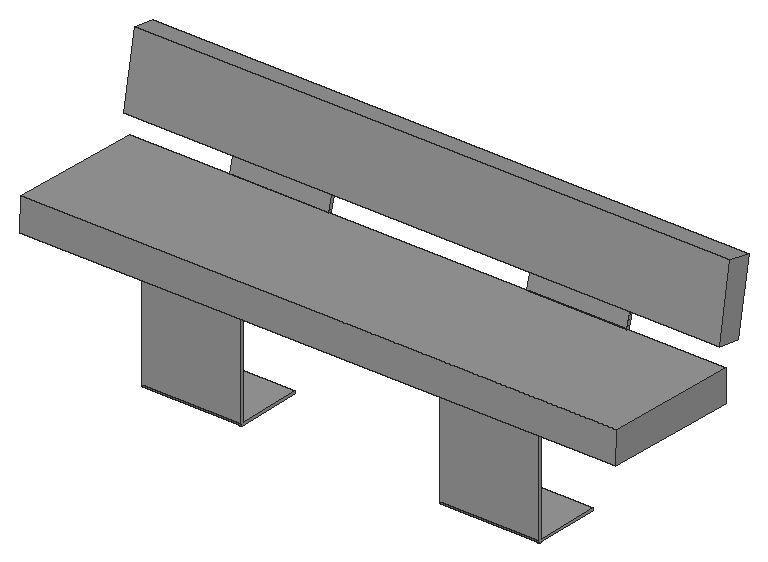
Revit family "Скамейка стальная «Андромеда» Арт 14122", category Антураж, Revit 2018
Family settings
  На основе рабочей плоскости = Нет
  Всегда вертикально = Да
  При загрузке вырезать с полостями = Нет
  Источник визуального образа = Геометрия семейства
  Общий = Нет
  Точка расчета площади = Нет
Parameters (values of type "Скамейка стальная «Андромеда»")
  Ширина = 500 mm  # constant formula
  Цвет опоры = Сталь
  Цвет лавки = Дерево
  Описание = "Скамейка стальная «Андромеда»"  # constant formula
  Материал изделия = "Сталь, дерево"  # constant formula
  Изображение типоразмера = Скамейка стальная «Андромеда» Арт 14122.jpg
  Изготовитель = "ООО «Хоббика»"  # constant formula
  Длина = 1800 mm  # constant formula
  Группа модели = "Скамейки"  # constant formula
  Высота = 720 mm  # constant formula
  Артикул товара = "Арт. 14122"  # constant formula
  URL = "https://hobbyka.ru/product/skameyka_andromeda/"
Reference planes
  plane 1 "По центру (Вперед/Назад)": y = 0
  plane 2: z = 0
  plane 3 "По центру (Влево/Вправо)": x = 0
  plane 4: y = 500
  plane 5: x = 1800
  plane 6: z = 720
Forms (mm)
  Extrusion 1, solid, material "Сталь" <- "Цвет опоры"
    sketch origin (0, 0, 0) x (0, 1, 0) y (0, 0, 1)
      loop
        line (500, 664.654) -> (492.614, 665.956) -> (461.694, 490.603) -> (438.182, 494.749)
        arc (438.182, 494.749) -> (432.85, 493.689) -> (429.635, 489.304) r 7.5
        line (429.635, 489.304) -> (415.145, 435.225) -> (415.145, 337.556) -> (92.277, 348.831)
        arc (92.277, 348.831) -> (86.974, 346.634) -> (84.777, 341.331) r 7.5
        line (84.777, 341.331) -> (84.777, 7.5)
        arc (84.777, 7.5) -> (86.974, 2.197) -> (92.277, 0) r 7.5
        line (92.277, 0) -> (287.277, 0) -> (287.277, 7.5) -> (92.277, 7.5) -> (92.277, 341.326) -> (416.712, 329.996)
        arc (416.712, 329.996) -> (420.837, 332.537) -> (422.645, 337.032) r 7.741
        line (422.645, 337.032) -> (422.645, 434.237) -> (436.88, 487.363) -> (460.392, 483.217)
        arc (460.392, 483.217) -> (465.996, 484.46) -> (469.081, 489.301) r 7.5
        line (469.081, 489.301) -> (500, 664.654)
    from 300 to 600
  Extrusion 2, solid, material "Сталь" <- "Цвет опоры"
    sketch origin (0, 0, 0) x (0, 1, 0) y (0, 0, 1)
      loop
        line (500, 664.654) -> (492.614, 665.956) -> (461.694, 490.603) -> (438.182, 494.749)
        arc (438.182, 494.749) -> (432.85, 493.689) -> (429.635, 489.304) r 7.5
        line (429.635, 489.304) -> (415.145, 435.225) -> (415.145, 337.556) -> (92.277, 348.831)
        arc (92.277, 348.831) -> (86.974, 346.634) -> (84.777, 341.331) r 7.5
        line (84.777, 341.331) -> (84.777, 7.5)
        arc (84.777, 7.5) -> (86.974, 2.197) -> (92.277, 0) r 7.5
        line (92.277, 0) -> (287.277, 0) -> (287.277, 7.5) -> (92.277, 7.5) -> (92.277, 341.326) -> (416.712, 329.996)
        arc (416.712, 329.996) -> (420.837, 332.537) -> (422.645, 337.032) r 7.741
        line (422.645, 337.032) -> (422.645, 434.237) -> (436.88, 487.363) -> (460.392, 483.217)
        arc (460.392, 483.217) -> (465.996, 484.46) -> (469.081, 489.301) r 7.5
        line (469.081, 489.301) -> (500, 664.654)
    from 1200 to 1500
  Extrusion 3, solid, material "Дерево" <- "Цвет лавки"
    sketch origin (0, 0, 0) x (0, 1, 0) y (0, 0, 1)
      loop
        line (415.145, 337.527) -> (415.145, 435.196) -> (3.407, 449.574) -> (0, 352.024) -> (415.145, 337.527)
    from 0 to 1800
  Extrusion 4, solid, material "Дерево" <- "Цвет лавки"
    sketch origin (0, 0, 0) x (0, 1, 0) y (0, 0, 1)
      loop
        line (500, 707.845) -> (431.063, 720) -> (392.758, 502.759) -> (461.694, 490.603) -> (500, 707.845)
    from 0 to 1800
  Extrusion 5, solid, material "Сталь" <- "Цвет опоры"
    sketch origin (0, 0, 0) x (1, 0, 0) y (0, 0, 1)
      loop
        line (446.2, 7.5) -> (453.8, 7.5) -> (453.8, 343.085) -> (446.2, 343.085) -> (446.2, 7.5)
      loop
        line (1346.2, 7.5) -> (1353.8, 7.5) -> (1353.8, 343.085) -> (1346.2, 343.085) -> (1346.2, 7.5)
    from -216.03 to -88.49
Cuts and joins
  joined: Extrusion 1, Extrusion 2, Extrusion 5
Dimensions and locks
  "Длина": plane 3 "По центру (Влево/Вправо)" to plane 5
  "Ширина": plane 4 to plane 1 "По центру (Вперед/Назад)"
  "Высота": plane 6 to plane 2
  Extrusion 3 sketch curve to level = 449.574 mm
  aligned and locked: level to plane 2
  aligned and locked: plane 5 to Extrusion 3
  aligned and locked: plane 5 to Extrusion 4
Automatic sketch dimensions
  Extrusion 3 sketch curve to plane 1 "По центру (Вперед/Назад)" = 0 mm
  Extrusion 3 sketch curve to plane 1 "По центру (Вперед/Назад)" = 3.407 mm
  Extrusion 3 sketch curve to plane 4 = 84.855 mm
  Extrusion 3 sketch curve to Extrusion 3 sketch curve = 97.669 mm
  Extrusion 4 sketch curve to plane 6 = 0 mm
  Extrusion 4 sketch curve to plane 4 = 0 mm
  Extrusion 4 sketch curve to plane 4 = 38.306 mm
  Extrusion 4 sketch curve to Extrusion 4 sketch curve = 68.937 mm
  Extrusion 4 sketch curve to Extrusion 4 sketch curve = 12.155 mm
  Extrusion 1 sketch curve to level = 0 mm
  level to Extrusion 1 sketch curve = 7.5 mm  (x2)
  Extrusion 1 sketch curve to plane 1 "По центру (Вперед/Назад)" = 84.777 mm
  Extrusion 1 sketch curve to Extrusion 1 sketch curve = 7.5 mm  (x2)
  Extrusion 1 sketch curve to Extrusion 1 sketch curve = 0 mm  (x4)
  Extrusion 1 sketch curve to Extrusion 1 sketch curve = 195 mm
  Extrusion 1 sketch curve to plane 4 = 85.08 mm
  Extrusion 1 sketch curve to plane 4 = 84.855 mm
  Extrusion 1 sketch curve to Extrusion 1 sketch curve = 1.568 mm
  Extrusion 1 sketch curve to Extrusion 1 sketch curve = 6.991 mm
  Extrusion 1 sketch curve to Extrusion 1 sketch curve = 7.244 mm
  Extrusion 1 sketch curve to Extrusion 1 sketch curve = 1.302 mm  (x2)
  Extrusion 1 sketch curve to Extrusion 1 sketch curve = 23.512 mm
  Extrusion 1 sketch curve to Extrusion 1 sketch curve = 7.386 mm
  Extrusion 1 sketch curve to plane 4 = 7.386 mm
  plane 4 to Extrusion 1 sketch curve = 0 mm
  level to Extrusion 1 sketch curve = 329.996 mm
  Extrusion 1 sketch curve to Extrusion 1 sketch curve = 7.035 mm
  Extrusion 1 sketch curve to Extrusion 1 sketch curve = 0.029 mm
  Extrusion 1 sketch curve to Extrusion 1 sketch curve = 3.799 mm
  Extrusion 1 sketch curve to Extrusion 1 sketch curve = 0.005 mm
  Extrusion 1 sketch curve to Extrusion 1 sketch curve = 96.681 mm
  Extrusion 1 sketch curve to Extrusion 1 sketch curve = 0.987 mm
  Extrusion 1 sketch curve to Extrusion 1 sketch curve = 48.98 mm
  Extrusion 1 sketch curve to Extrusion 1 sketch curve = 4.146 mm
  Extrusion 1 sketch curve to Extrusion 1 sketch curve = 6.084 mm
  Extrusion 1 sketch curve to Extrusion 1 sketch curve = 1.941 mm
  Extrusion 2 sketch curve to level = 0 mm
  Extrusion 2 sketch curve to plane 4 = 0 mm
  Extrusion 2 sketch curve to plane 4 = 7.386 mm
  Extrusion 2 sketch curve to plane 4 = 30.919 mm
  Extrusion 2 sketch curve to Extrusion 2 sketch curve = 7.386 mm
  Extrusion 2 sketch curve to Extrusion 2 sketch curve = 0 mm  (x5)
  Extrusion 2 sketch curve to Extrusion 2 sketch curve = 1.302 mm  (x2)
  Extrusion 2 sketch curve to Extrusion 2 sketch curve = 23.512 mm
  Extrusion 2 sketch curve to Extrusion 2 sketch curve = 7.244 mm
  Extrusion 2 sketch curve to Extrusion 2 sketch curve = 14.235 mm
  Extrusion 2 sketch curve to Extrusion 2 sketch curve = 5.932 mm
  Extrusion 2 sketch curve to Extrusion 2 sketch curve = 7.5 mm  (x2)
  Extrusion 2 sketch curve to Extrusion 2 sketch curve = 0.225 mm
  level to Extrusion 2 sketch curve = 7.5 mm
  Extrusion 2 sketch curve to plane 4 = 212.723 mm
  Extrusion 2 sketch curve to plane 1 "По центру (Вперед/Назад)" = 92.277 mm
  level to Extrusion 2 sketch curve = 329.996 mm
  Extrusion 2 sketch curve to Extrusion 2 sketch curve = 7.035 mm
  Extrusion 2 sketch curve to Extrusion 2 sketch curve = 0.029 mm
  Extrusion 2 sketch curve to Extrusion 2 sketch curve = 3.799 mm
  Extrusion 2 sketch curve to Extrusion 2 sketch curve = 0.005 mm
  Extrusion 2 sketch curve to Extrusion 2 sketch curve = 96.681 mm
  Extrusion 2 sketch curve to Extrusion 2 sketch curve = 0.987 mm
  Extrusion 2 sketch curve to Extrusion 2 sketch curve = 48.98 mm
  Extrusion 2 sketch curve to Extrusion 2 sketch curve = 4.146 mm
  Extrusion 2 sketch curve to Extrusion 2 sketch curve = 6.084 mm
  Extrusion 2 sketch curve to Extrusion 2 sketch curve = 1.941 mm
  plane 3 "По центру (Влево/Вправо)" to Extrusion 5 sketch curve = 446.2 mm
  Extrusion 5 sketch curve to Extrusion 5 sketch curve = 7.6 mm  (x2)
  level to Extrusion 5 sketch curve = 7.5 mm  (x2)
  Extrusion 5 sketch curve to plane 5 = 453.8 mm
  Extrusion 5 sketch curve to Extrusion 5 sketch curve = 335.585 mm  (x2)
